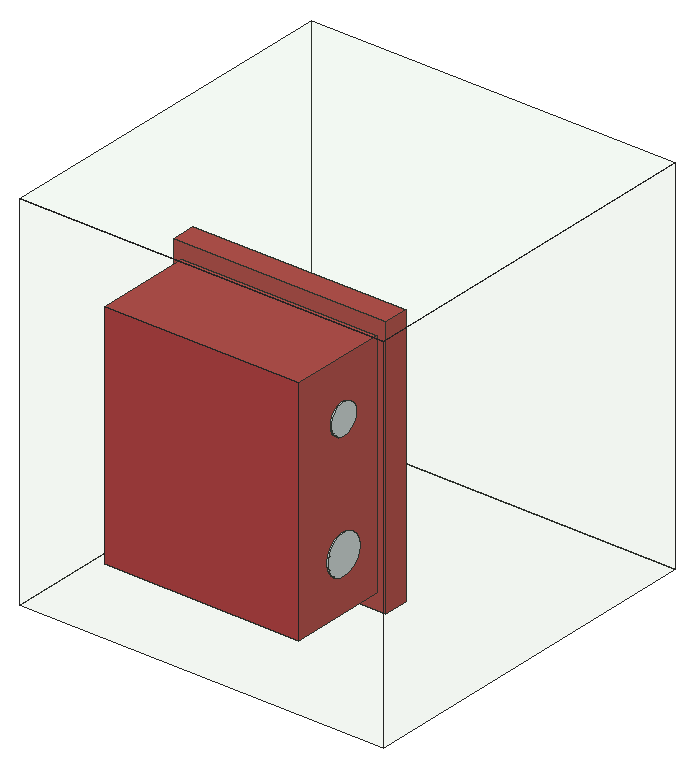
Revit family "ZETA_Коробка_Клемная_КЗНС-08", category Электрические приборы, Revit 2021
Family settings
  Сохранять ориентацию аннотаций = Нет
  Размер круглого соединителя = Использовать диаметр
  Тип детали = Нормальный
  На основе рабочей плоскости = Нет
  Всегда вертикально = Да
  При загрузке вырезать с полостями = Нет
  Общий = Нет
  Точка принадлежности помещению = Да
Parameters (values of type "08_IP65")
  УГО_Смещение_Y [instance] = 0 mm
  УГО_Смещение_X [instance] = 0 mm
  УГО_Длина = 10 mm
  УГО_Высота = 5 mm
  Температура эксплуатации = "от -40 до +60 °С"
  Сечение жил = "до 4 мм2"
  Сертификат = "RU C-RU.АД84.В.00192/20"
  Потолочное размещение [instance] = no
  Питание через наконечники [instance] = yes
  Отверстие2_Привязка = 35 mm
  Отверстие1_Привязка = 35 mm
  Описание = "Коробки клеммные с наборными зажимами КЗНС с латунными кабельными\r\nвводами применяются для соединения и разветвления вторичных и силовых\r\nэлектрических цепей, выполняемых контрольными кабелями с числом жил до 52 и\r\nсиловыми кабелями с алюминиевыми или медными жилами сечением 1,5—4 мм2."
  Номинальный ток = "до 25А"
  Номинал MCB [instance] = 1 A
  МеталическаяЗаглушка_Привязка = 100 mm
  Материал корпуса = Zeta_Сталь оцинкованная
  Маркировка типоразмера = ""
  Марка = "1"
  КрышкаОснование_Ширина = ADSK_Размер_Ширина * 0.74286  # 130 mm
  КрышкаОснование_Длина = ADSK_Размер_Длина * 0.7907  # 170 mm
  КрышкаВерх_Ширина = ADSK_Размер_Ширина * 0.51429  # 90 mm
  КрышкаВерх_Длина = ADSK_Размер_Длина * 0.60465  # 130 mm
  Крышка_Ширина = ADSK_Размер_Ширина * 2.292  # 401.1 mm
  Крышка_Длина = ADSK_Размер_Длина * 2.6791  # 576 mm
  Крышка_Высота = 16 mm
  Крепления_Ширина = ADSK_Размер_Ширина * 0.33143  # 58 mm
  Крепления_Длина = ADSK_Размер_Длина * 1.1116  # 239 mm
  Корпус_Ширина = ADSK_Размер_Ширина * 0.89143  # 156 mm
  Корпус_Длина = ADSK_Размер_Длина * 0.91163  # 196 mm
  Корпус_Высота = 71 mm
  Комментарии = ""
  Количество зажимов = 10
  Климатическое исполнение = "УХЛ1,5"
  Использовать масштаб аннотаций = no
  Изображение = 0
  Изготовитель = "АО «ЗЭТА»"  # constant formula
  Изготавливается по = "ТУ 27.33.13.120-047-99856433-2020"
  Отметка по умолчанию = 0 mm
  Активные наконечники [instance] = yes
  URL = "https://nzeta.ru/"
  D4 = 40 mm
  D3 = 25 mm
  D2 = 32 mm
  D1 = 20 mm
  В_УГО_Смещение_Y [instance] = УГО_Смещение_Y + 2000 mm  # 2000 mm
  В_УГО_Смещение_X [instance] = УГО_Смещение_X + 2000 mm  # 2000 mm
  ADSK_Ток = 0 A
  ADSK_Степень защиты_IP = "IP65"
  ADSK_Размер_Ширина = 175 mm
  ADSK_Размер_УголПоворота [instance] = if(Потолочное размещение, 90.00°, 0.00°)  # 0.00°
  ADSK_Размер_Длина = 215 mm
  ADSK_Размер_Высота = 100 mm
  ADSK_Примечание [instance] = ""
  ADSK_Полная мощность = 0 VA
  ADSK_Позиция на схеме [instance] = ""
  ADSK_Позиция [instance] = ""
  ADSK_Обозначение = "KK"  # constant formula
  ADSK_Номинальная мощность = 0 W
  ADSK_Номер стояка = ""
  ADSK_Номер линии = 1
  ADSK_Напряжение = 230 V
  ADSK_Наименование краткое = "КЗНС-08"
  ADSK_Наименование = "Коробка с зажимами наборными КЗНС-08 УХЛ1,5 IP65 латунный ввод ГОФРОМАТИК"
  ADSK_Материал наименование = "Сталь оцинкованная"
  ADSK_Масса_Текст = "1,57"
  ADSK_Масса = 1.57
  ADSK_Марка = "КК КЗНС-08 УХЛ1,5  IP65"
  ADSK_Коэффициент мощности = 1
  ADSK_Количество фаз числовое = 1
  ADSK_Количество фаз = 1
  ADSK_Количество = 1  # constant formula
  ADSK_Код изделия = "zeta30314"
  ADSK_Классификация нагрузок = Прочее
  ADSK_Завод-изготовитель = "АО «ЗЭТА»"  # constant formula
  ADSK_Единица измерения = "шт"  # constant formula
  ADSK_Версия семейства = "v.1"
  ADSK_Версия Revit = "2021"
  ADSK_URL страницы изделия = "https://nzeta.ru/catalog/?q=zeta30314"
  ADSK_URL документации изделия = "https://nzeta.ru/upload/uf/003/akg4yxsowzhmybzrd4x7akg7fxnlxb9j/passport.pdf"
Types (2, lengths in mm): name | Климатическое исполнение | ADSK_Степень защиты_IP | ADSK_Наименование | ADSK_Масса_Текст | ADSK_Масса | ADSK_Марка | ADSK_Код изделия | ADSK_URL страницы изделия | ADSK_URL документации изделия
  08_IP65 | "УХЛ1,5" | "IP65" | "Коробка с зажимами наборными КЗНС-08 УХЛ1,5 IP65 латунный ввод ГОФРОМАТИК" | "1,57" | 1.57 | "КК КЗНС-08 УХЛ1,5  IP65" | "zeta30314" | "https://nzeta.ru/catalog/?q=zeta30314" | "https://nzeta.ru/upload/uf/003/akg4yxsowzhmybzrd4x7akg7fxnlxb9j/passport.pdf"
  08_IP54 | "У2" | "IP54" | "Коробка с зажимами наборными КЗНС-08 У2 IP54  пластиковый ввод ГОФРОМАТИК" | "1,4" | 1.4 | "КК КЗНС-08 У2 IP54" | "zeta30315" | "https://nzeta.ru/catalog/?q=zeta30315" | "https://nzeta.ru/upload/uf/389/n6akvtbyqcllzx1o5519rz8afk2zpcks/passport.pdf"
Reference planes
  plane 1 "Center (Front/Back)": y = 0
  plane 2: z = 0
  plane 3 "Center (Left/Right)": x = 0
  plane 4: x = -2000
  plane 5: y = -2000
  plane 6: x = 0
  plane 7: y = 0
Lines and regions (mm)
  reference lines
    curve 1: line (0, 0, 0) -> (0, 640, 0)
    curve 2: line (0, 0, 0) -> (0, 0, 500)
Dimensions and locks
  "В_УГО_Смещение_Y": plane 7 to plane 5
  "В_УГО_Смещение_X": plane 4 to plane 6
  locked: curve 2 to curve 1 (angle 90.00°)
  "ADSK_Размер_УголПоворота": angle curve 2 to plane 1 "Center (Front/Back)"
  aligned and locked: level to plane 2
  aligned and locked: plane 1 "Center (Front/Back)" to curve 1
  aligned and locked: level to curve 1
  aligned and locked: plane 6 to nested 2
  aligned and locked: nested 2 to plane 7
Nested families
  nested 1: "ZETA_Коробка_Клемная_КЗНС_Геометрия" at (0, 0, 0) x (0, 0, 1) z (0, 1, 0), Image <- "Изображение", Comments <- "Комментарии", Mark <- "Марка", type "КЗНС", detail levels medium+fine
  nested 2: "УГО_Клеменная_Коробка_(GenAnn)" at (0, 0, 0), УГО_Высота <- "УГО_Высота", УГО_Длина <- "УГО_Длина", ADSK_Степень защиты_IP <- "ADSK_Степень защиты_IP", ADSK_Обозначение <- "ADSK_Обозначение", type "УГО_Клеменная_Коробка_(GenAnn)", detail levels coarse+medium
    with УГО_Длина 10 mm, УГО_Высота 5 mm, ADSK_Степень защиты_IP "IP65", ADSK_Обозначение "KK"
  nested 3: "Zeta_Зона обслуживания" at (0, 0, 0) x (-1, 0, 0) z (0, 0, -1), type "Зона обслуживания_Куб", detail levels medium+fine
    with Зона обслуживания_Ширина 300 mm, Зона обслуживания_Длина 300 mm, Зона обслуживания_Высота 300 mm
Connectors
  cabletrayconduit at (-81.999, 43.588, 50), diameter 25, driven by "D3"
    settings: on nested 1, index 1, connector width 300 mm, connector height 300 mm, connector angle 0.00°, system type 32, placement type 0, profile type 0, connector reference index -1, is primary connector yes, connector utility param no, connector description ""
  cabletrayconduit at (-81.999, 43.588, -50), diameter 25, driven by "D3"
    settings: on nested 1, index 2, connector width 300 mm, connector height 300 mm, connector angle 0.00°, system type 32, placement type 0, profile type 0, connector reference index -1, is primary connector no, connector utility param no, connector description ""
  cabletrayconduit at (-81.999, 43.588, 0), diameter 32, driven by "D2"
    settings: on nested 1, index 3, connector width 300 mm, connector height 300 mm, connector angle 0.00°, system type 32, placement type 0, profile type 0, connector reference index -1, is primary connector no, connector utility param no, connector description ""
  cabletrayconduit at (81.928, 43.588, -50), diameter 32, driven by "D2"
    settings: on nested 1, index 4, connector width 300 mm, connector height 300 mm, connector angle 0.00°, system type 32, placement type 0, profile type 0, connector reference index -1, is primary connector no, connector utility param no, connector description ""
  cabletrayconduit at (81.928, 43.588, 50), diameter 25, driven by "D3"
    settings: on nested 1, index 5, connector width 300 mm, connector height 300 mm, connector angle 0.00°, system type 32, placement type 0, profile type 0, connector reference index -1, is primary connector no, connector utility param no, connector description ""
Definition of nested family "ZETA_Коробка_Клемная_КЗНС_Геометрия"
  Parameters (values of type "КЗНС")
    Привязки_Штуцер = 100 mm
    Default Elevation = 1219.2 mm
    Основание_Ширина = ADSK_Размер_Ширина * 0.9142  # 159.985 mm
    Основание_Длина = ADSK_Размер_Длина * 0.8835  # 189.953 mm
    Manufacturer = "АО \"ЗЭТАРУС\""
    D2 = 32 mm
    D1 = 25 mm
    ADSK_Размер_Ширина = 175 mm
    ADSK_Размер_Длина = 215 mm
    ADSK_Размер_Высота = 100 mm
  Reference planes
    plane 1 "По центру (Вперед/Назад)": y = 0
    plane 2: z = 0
    plane 3 "По центру (Влево/Вправо)": x = 0
    plane 4: x = -94.976
    plane 5: x = 94.976
    plane 6: y = -79.992
    plane 7: y = 79.993
    plane 8: x = -107.5
    plane 9: y = -87.5
    plane 10: x = 107.5
    plane 11: y = 87.5
    plane 12: z = 100
    plane 13: z = 79.822
    plane 14: y = -57.269
    plane 15: y = 57.269
    plane 16: z = 43.588
    plane 17: y = -81.999
    plane 18: y = 81.928
    plane 19: x = -50
    plane 20: x = 50
  Forms (mm)
    Extrusion 1, solid
      sketch origin (0, 0, 0) x (1, 0, 0) y (0, 1, 0)
        loop
          line (-94.976, 79.993) -> (-94.976, -79.992) -> (94.976, -79.992) -> (94.976, 79.993) -> (-94.976, 79.993)
      from 0 to 79.822
    Extrusion 2, solid
      sketch origin (0, 0, 0) x (1, 0, 0) y (0, 1, 0)
        loop
          line (-107.5, 87.5) -> (-107.5, -87.5) -> (107.5, -87.5) -> (107.5, 87.5) -> (-107.5, 87.5)
      from 100 to 79.822
    Extrusion 3, solid
      sketch origin (0, 0, 0) x (1, 0, 0) y (0, 0, 1)
        loop
          circle (-50, 43.588) r 12.5
      from 79.992 to 81.999
    Extrusion 4, solid
      sketch origin (43.5, 0, 0) x (1, 0, 0) y (0, 0, 1)
        loop
          circle (-43.5, 43.588) r 16
      from 81.999 to 79.992
    Extrusion 5, solid
      sketch origin (117, 0, 0) x (1, 0, 0) y (0, 0, 1)
        loop
          circle (-67, 43.588) r 12.5
      from 81.999 to 79.992
    Extrusion 6, solid
      sketch origin (-94.976, 79.993, 0) x (1, 0, 0) y (0, 0, -1)
        loop
          circle (144.976, -43.588) r 12.5
        loop
          circle (44.976, -43.588) r 16
      from 0 to 1.935
  Dimensions and locks
    equal spacing: plane 4, plane 3 "По центру (Влево/Вправо)", plane 5
    equal spacing: plane 7, plane 1 "По центру (Вперед/Назад)", plane 6
    "Основание_Ширина": plane 7 to plane 6
    "Основание_Длина": plane 4 to plane 5
    equal spacing: plane 11, plane 1 "По центру (Вперед/Назад)", plane 9
    equal spacing: plane 8, plane 3 "По центру (Влево/Вправо)", plane 10
    "ADSK_Размер_Ширина": plane 11 to plane 9
    "ADSK_Размер_Длина": plane 8 to plane 10
    "ADSK_Размер_Высота": plane 12 to level
    locked: plane 6 to plane 17 at 2.006
    locked: plane 18 to plane 7 at 1.935
    equal spacing: plane 19, plane 3 "По центру (Влево/Вправо)", plane 20
    "Привязки_Штуцер": plane 19 to plane 20
    "D1": diameter of Extrusion 3 sketch curve
    "D2": diameter of Extrusion 4 sketch curve
    "D1": diameter of Extrusion 5 sketch curve
    "D1": diameter of Extrusion 6 sketch curve
    "D2": diameter of Extrusion 6 sketch curve
    aligned and locked: level to plane 2
    aligned and locked: Extrusion 1 sketch curve to plane 7
    aligned and locked: plane 4 to Extrusion 1 sketch curve
    aligned and locked: plane 6 to Extrusion 1 sketch curve
    aligned and locked: Extrusion 1 sketch curve to plane 5
    aligned and locked: Extrusion 2 sketch curve to plane 11
    aligned and locked: plane 8 to Extrusion 2 sketch curve
    aligned and locked: plane 9 to Extrusion 2 sketch curve
    aligned and locked: Extrusion 2 sketch curve to plane 10
    aligned and locked: Extrusion 2 to plane 13
    aligned and locked: Extrusion 1 to Extrusion 2
    aligned and locked: plane 16 to Extrusion 3 sketch curve
    aligned and locked: plane 6 to Extrusion 3
    aligned and locked: Extrusion 3 to plane 17
    aligned and locked: Extrusion 4 to Extrusion 1
    aligned and locked: Extrusion 4 to plane 17
    aligned and locked: Extrusion 5 to Extrusion 1
    aligned and locked: Extrusion 5 to plane 17
    aligned and locked: plane 19 to Extrusion 3 sketch curve
    aligned and locked: plane 20 to Extrusion 5 sketch curve
    aligned and locked: plane 16 to Extrusion 5 sketch curve
    aligned and locked: plane 18 to Extrusion 6
  Automatic sketch dimensions
    Extrusion 4 sketch curve to plane 3 "По центру (Влево/Вправо)" = 0 mm
    Extrusion 4 sketch curve to plane 16 = 0 mm
    Extrusion 6 sketch curve to Extrusion 1 = 44.976 mm  (x2)
    Extrusion 1 to Extrusion 6 sketch curve = 36.234 mm  (x2)
Definition of nested family "Zeta_Зона обслуживания"
  Parameters (values of type "Зона обслуживания_Куб")
    Default Elevation = 1219.2 mm
    Зона обслуживания_Ширина [instance] = 300 mm
    Зона обслуживания_Длина [instance] = 300 mm
    Зона обслуживания_Высота [instance] = 300 mm
  Reference planes
    plane 1 "По центру (Вперед/Назад)": y = 0
    plane 2: z = 0
    plane 3 "По центру (Влево/Вправо)": x = 0
    plane 4: x = -150
    plane 5: x = 150
    plane 6: y = 300
    plane 7: z = 150
    plane 8: z = -150
  Forms (mm)
    Extrusion 1, solid
      sketch origin (0, 0, 0) x (1, 0, 0) y (0, 1, 0)
        loop
          line (-150, 300) -> (-150, 0) -> (150, 0) -> (150, 300) -> (-150, 300)
      from -150 to 150
  Dimensions and locks
    equal spacing: plane 4, plane 3 "По центру (Влево/Вправо)", plane 5
    "Зона обслуживания_Ширина": plane 6 to plane 1 "По центру (Вперед/Назад)"
    "Зона обслуживания_Длина": plane 4 to plane 5
    equal spacing: plane 7, level, plane 8
    "Зона обслуживания_Высота": plane 7 to plane 8
    aligned and locked: level to plane 2
    aligned and locked: Extrusion 1 sketch curve to plane 6
    aligned and locked: plane 4 to Extrusion 1 sketch curve
    aligned and locked: Extrusion 1 sketch curve to plane 5
    aligned and locked: Extrusion 1 to plane 8
    aligned and locked: plane 7 to Extrusion 1
    aligned and locked: plane 1 "По центру (Вперед/Назад)" to Extrusion 1
  Automatic sketch dimensions
    plane 1 "По центру (Вперед/Назад)" to Extrusion 1 sketch curve = 0 mm
Definition of nested family "УГО_Клеменная_Коробка_(GenAnn)"
  Parameters (values of type "УГО_Клеменная_Коробка_(GenAnn)")
    УГО_Длина [instance] = 10 mm
    УГО_Высота [instance] = 5 mm
    ADSK_Степень защиты_IP [instance] = ""
    ADSK_Обозначение [instance] = ""
  Reference planes
    plane 1: y = 0
    plane 2: x = 0
  Lines and regions (mm)
    Filled region 1, type "Filled region 1"
      outline origin (0, 0, 0) x (1, 0, 0) y (0, 1, 0)
        loop
          line (-5, 2.5) -> (-5, -2.5) -> (5, -2.5) -> (5, 2.5) -> (-5, 2.5)
    reference lines
      curve 1: line (-5, 2.5, 0) -> (-5, -2.5, 0)
      curve 2: line (-5, -2.5, 0) -> (5, -2.5, 0)
      curve 3: line (5, 2.5, 0) -> (5, -2.5, 0)
      curve 4: line (-5, 2.5, 0) -> (5, 2.5, 0)
  Text (mm)
    label "KK IP 54" at (0.033, -0.03, 0), shows "ADSK_Обозначение", "ADSK_Степень защиты_IP"
  Dimensions and locks
    equal spacing: curve 1, plane 2, curve 3
    equal spacing: curve 2, plane 1, curve 4
    "УГО_Длина": curve 1 to curve 3
    "УГО_Высота": curve 2 to curve 4
    aligned and locked: Filled region 1 sketch curve to curve 4
    aligned and locked: Filled region 1 sketch curve to curve 1
    aligned and locked: Filled region 1 sketch curve to curve 2
    aligned and locked: Filled region 1 sketch curve to curve 3
